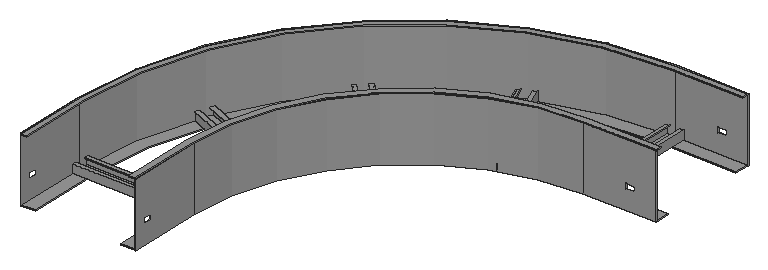
Revit family "LB 90 1120 VS FT Bogen 90", category Generic Models, Revit 2017
Family settings
  Can host rebar = No
  Round Connector Dimension = Use Diameter
  Part Type = Normal
  Work Plane-Based = No
  Always vertical = Yes
  Cut with Voids When Loaded = No
  Shared = No
  Room Calculation Point = No
Parameters (values of type "LB 90 1120 R5 FT")
  URL = "http://www.obo-bettermann.com"
  Material = Hot-dip galvanised
  Manufacturer Art.No. = "6217772"
  Manufacturer = "OBO BETTERMANN"
  GTIN = "4012196685196"
  Article Type = "LB 90 1120 R5 FT"
Reference planes
  plane 1 "Center (Front/Back)": y = 0
  plane 2: z = 0
  plane 3 "Center (Left/Right)": x = 0
  plane 4: x = 500
  plane 5: y = 500
  plane 6: x = 500
  plane 7: x = 375
  plane 8: y = 125
  plane 9: through (500, 0, 1200) normal (-0.7071, -0.7071, 0)
  plane 10: z = 60
  plane 11: z = 1.5
  plane 12: z = 58.5
  plane 13: z = 1.5
  plane 14: y = 25
  plane 15: z = 38
  plane 16: through (518.295, -19.135, 1200) normal (-0.7071, -0.7071, 0)
  plane 17: x = 456.15
  plane 18: z = 38
  plane 19: y = 125
  plane 20: x = 375
  plane 21: y = 125
  plane 22: x = 375
  plane 23: x = 500
  plane 24: through (374.16, 125, 1200) normal (-0.3827, -0.9239, 0)
  plane 25: through (374.16, 125, 1200) normal (-0.9239, -0.3827, 0)
  plane 26: through (3139.095, -2641.124, 87.514) normal (0.7071, 0.7071, 0)
  plane 27: through (374.141, 124.996, 1200) normal (-0.9808, -0.1951, 0)
  plane 28: through (1870.039, -3488.668, 87.514) normal (0.9239, 0.3827, 0)
  plane 29: through (373.857, 123.554, 1200) normal (-0.1951, -0.9808, 0)
  plane 30: through (3970.284, -1367.699, 87.514) normal (0.3827, 0.9239, 0)
  plane 31: z = 110
  plane 32: z = 111.5
Forms (mm)
  Extrusion 1, solid, material "Hot-dip galvanised" <- "Material"
    sketch origin (0, 0, 0) x (1, 0, 0) y (0, 1, 0)
      loop
        line (0, 0) -> (1.5, 0) -> (1.5, 125)
        arc (1.5, 125) -> (110.896, 389.104) -> (375, 498.5) r 373.5
        line (375, 498.5) -> (500, 498.5) -> (500, 500) -> (375, 500)
        arc (375, 500) -> (109.835, 390.165) -> (0, 125) r 375
        line (0, 125) -> (0, 0)
    from 0 to 110
  Extrusion 2, solid, material "Hot-dip galvanised" <- "Material"
    sketch origin (0, 0, 0) x (1, 0, 0) y (0, 1, 0)
      loop
        line (0, 0) -> (0, 125)
        arc (0, 125) -> (109.835, 390.165) -> (375, 500) r 375
        line (375, 500) -> (500, 500) -> (500, 525.5) -> (375, 525.5)
        arc (375, 525.5) -> (91.804, 408.196) -> (-25.5, 125) r 400.5
        line (-25.5, 125) -> (-25.5, 0) -> (0, 0)
    from 0 to 1.5
  Extrusion 3, solid, material "Hot-dip galvanised" <- "Material"
    sketch origin (0, 0, 0) x (1, 0, 0) y (0, 1, 0)
      loop
        line (0, 0) -> (0, 125)
        arc (0, 125) -> (109.835, 390.165) -> (375, 500) r 375
        line (375, 500) -> (500, 500) -> (500, 510.5) -> (375, 510.5)
        arc (375, 510.5) -> (102.41, 397.59) -> (-10.5, 125) r 385.5
        line (-10.5, 125) -> (-10.5, 0) -> (0, 0)
    from 110 to 111.5
  Extrusion 4, solid, material "Hot-dip galvanised"
    sketch origin (0, 0, 0) x (1, 0, 0) y (0, 1, 0)
      loop
        line (500.057, 698.5) -> (375, 698.5)
        arc (375, 698.5) -> (-30.526, 530.526) -> (-198.5, 125) r 573.5
        line (-198.5, 125) -> (-198.5, 0) -> (-197, 0) -> (-197, 125)
        arc (-197, 125) -> (-29.465, 529.465) -> (375, 697) r 572
        line (375, 697) -> (500.057, 697) -> (500.057, 698.5)
    from 0 to 111.5
  Extrusion 5, solid, material "Hot-dip galvanised" <- "Material"
    sketch origin (0, 0, 0) x (1, 0, 0) y (0, 1, 0)
      loop
        line (-197, 0) -> (-171.5, 0) -> (-171.5, 123.609)
        arc (-171.5, 123.609) -> (-10.995, 511.103) -> (376.5, 671.609) r 548
        line (376.5, 671.609) -> (500, 671.609) -> (500, 697) -> (376.5, 697)
        arc (376.5, 697) -> (-29.026, 529.026) -> (-197, 123.5) r 573.5
        line (-197, 123.5) -> (-197, 0)
    from 0 to 1.5
  Extrusion 6, solid, material "Hot-dip galvanised" <- "Material"
    sketch origin (0, 0, 0) x (1, 0, 0) y (0, 1, 0)
      loop
        line (-197, 0) -> (-186.5, 0) -> (-186.5, 125)
        arc (-186.5, 125) -> (-22.04, 522.04) -> (375, 686.5) r 561.5
        line (375, 686.5) -> (500, 686.5) -> (500, 697) -> (375, 697)
        arc (375, 697) -> (-29.465, 529.465) -> (-197, 125) r 572
        line (-197, 125) -> (-197, 0)
    from 110 to 111.5
  Extrusion 7, void
    sketch origin (0, 0, 0) x (0, 1, 0) y (0, 0, 1)
      loop
        line (17.5, 42.5) -> (17.5, 33.5) -> (32.5, 33.5) -> (32.5, 42.5) -> (17.5, 42.5)
    from 0 to 1.5
  Extrusion 8, void
    sketch origin (0, 0, 0) x (0, 1, 0) y (0, 0, 1)
      loop
        line (17.5, 42.5) -> (17.5, 33.5) -> (32.5, 33.5) -> (32.5, 42.5) -> (17.5, 42.5)
    from -198.5 to -197
  Extrusion 9, void
    sketch origin (481.15, 481.15, 0) x (-1, 0, 0) y (0, 0, -1)
      loop
        line (17.5, -42.5) -> (32.5, -42.5) -> (32.5, -33.5) -> (17.5, -33.5) -> (17.5, -42.5)
    from -217.35 to -215.85
  Extrusion 10, void
    sketch origin (481.15, 481.15, 0) x (-1, 0, 0) y (0, 0, -1)
      loop
        line (17.5, -42.5) -> (32.5, -42.5) -> (32.5, -33.5) -> (17.5, -33.5) -> (17.5, -42.5)
    from -18.85 to -17.35
  Extrusion 11, solid, material "Hot-dip galvanised" <- "Material"
    sketch origin (0, 0, 0) x (0, 1, 0) y (0, 0, 1)
      loop
        line (125, 1.5) -> (140, 1.5) -> (140, 16.5) -> (133.545, 16.5) -> (133.545, 15) -> (138.5, 15) -> (138.5, 3) -> (125, 3) -> (111.5, 3) -> (111.5, 15) -> (116.5, 15) -> (116.5, 16.5) -> (110, 16.5) -> (110, 1.5) -> (125, 1.5)
    from -197 to 0
  Extrusion 12, solid, material "Hot-dip galvanised" <- "Material"
    sketch origin (500, 481.15, 0) x (-1, 0, 0) y (0, 0, -1)
      loop
        line (125, -1.5) -> (110, -1.5) -> (110, -16.5) -> (116.5, -16.5) -> (116.5, -15) -> (111.5, -15) -> (111.5, -3) -> (125, -3) -> (138.5, -3) -> (138.5, -15) -> (133.545, -15) -> (133.545, -16.5) -> (140, -16.5) -> (140, -1.5) -> (125, -1.5)
    from -215.85 to -18.85
  Extrusion 13, solid, material "Hot-dip galvanised" <- "Material"
    sketch origin (33.341, 287.853, 0) x (0.707107, 0.707107, 0) y (0, 0, 1)
      loop
        line (125, 1.5) -> (140, 1.5) -> (140, 16.5) -> (133.545, 16.5) -> (133.545, 15) -> (138.5, 15) -> (138.5, 3) -> (125, 3) -> (111.5, 3) -> (111.5, 15) -> (116.5, 15) -> (116.5, 16.5) -> (110, 16.5) -> (110, 1.5) -> (125, 1.5)
    from -214.106 to -17.882
  Extrusion 14, solid, material "Hot-dip galvanised" <- "Material"
    sketch origin (121.568, 405.875, 0) x (0.92388, 0.382683, 0) y (0, 0, 1)
      loop
        line (125, 1.5) -> (140, 1.5) -> (140, 16.5) -> (133.545, 16.5) -> (133.545, 15) -> (138.5, 15) -> (138.5, 3) -> (125, 3) -> (111.5, 3) -> (111.5, 15) -> (116.5, 15) -> (116.5, 16.5) -> (110, 16.5) -> (110, 1.5) -> (125, 1.5)
    from -215.042 to -18.117
  Extrusion 15, solid, material "Hot-dip galvanised" <- "Material"
    sketch origin (75.74, 380.773, 0) x (-0.382683, -0.92388, 0) y (0, 0, -1)
      loop
        line (125, -1.5) -> (110, -1.5) -> (110, -16.5) -> (116.5, -16.5) -> (116.5, -15) -> (111.5, -15) -> (111.5, -3) -> (125, -3) -> (138.5, -3) -> (138.5, -15) -> (133.545, -15) -> (133.545, -16.5) -> (140, -16.5) -> (140, -1.5) -> (125, -1.5)
    from -197.116 to -0.168
  Extrusion 16, void
    sketch origin (0, 0, 0) x (1, 0, 0) y (0, 1, 0)
      loop
        line (-145, 133.545) -> (-145, 116.5) -> (-134, 116.5) -> (-134, 133.545) -> (-145, 133.545)
      loop
        line (-116, 133.545) -> (-123, 133.545) -> (-123, 116.5) -> (-116, 116.5) -> (-116, 133.545)
      loop
        line (-105, 133.545) -> (-105, 116.5) -> (-94, 116.5) -> (-94, 133.545) -> (-105, 133.545)
      loop
        line (-83, 133.545) -> (-83, 116.5) -> (-76, 116.5) -> (-76, 133.545) -> (-83, 133.545)
      loop
        line (-65, 133.545) -> (-65, 116.5) -> (-54, 116.5) -> (-54, 133.545) -> (-65, 133.545)
    from 3 to 0
  Extrusion 17, void
    sketch origin (0, 0, 0) x (1, 0, 0) y (0, 1, 0)
      loop
        line (-102.805, 328.63) -> (-109.327, 312.883) -> (-99.165, 308.673) -> (-92.642, 324.42) -> (-102.805, 328.63)
      loop
        line (-82.479, 320.211) -> (-89.002, 304.464) -> (-82.535, 301.785) -> (-76.012, 317.532) -> (-82.479, 320.211)
      loop
        line (-65.85, 313.323) -> (-72.372, 297.575) -> (-62.21, 293.366) -> (-55.687, 309.113) -> (-65.85, 313.323)
      loop
        line (-45.524, 304.904) -> (-52.047, 289.156) -> (-45.58, 286.477) -> (-39.057, 302.225) -> (-45.524, 304.904)
      loop
        line (-28.894, 298.015) -> (-35.417, 282.268) -> (-25.254, 278.058) -> (-18.732, 293.806) -> (-28.894, 298.015)
    from 3 to 0
  Extrusion 18, void
    sketch origin (0, 0, 0) x (1, 0, 0) y (0, 1, 0)
      loop
        line (366.455, 644.16) -> (366.455, 632.906) -> (383.5, 632.906) -> (383.5, 644.16) -> (366.455, 644.16)
      loop
        line (366.455, 622.16) -> (366.455, 615.062) -> (383.5, 615.062) -> (383.5, 622.16) -> (366.455, 622.16)
      loop
        line (383.5, 604.16) -> (366.455, 604.16) -> (366.455, 593.16) -> (383.5, 593.16) -> (383.5, 604.16)
      loop
        line (383.5, 582.16) -> (366.455, 582.16) -> (366.455, 575.16) -> (383.5, 575.16) -> (383.5, 582.16)
      loop
        line (366.455, 564.16) -> (366.455, 553.14) -> (383.5, 553.14) -> (383.5, 564.16) -> (366.455, 564.16)
    from 3 to 0
  Extrusion 19, void
    sketch origin (0, 0, 0) x (1, 0, 0) y (0, 1, 0)
      loop
        line (182.566, 607.582) -> (166.819, 601.059) -> (171.125, 590.662) -> (186.872, 597.185) -> (182.566, 607.582)
      loop
        line (190.985, 587.256) -> (175.238, 580.734) -> (177.954, 574.176) -> (193.701, 580.699) -> (190.985, 587.256)
      loop
        line (182.126, 564.104) -> (186.335, 553.941) -> (202.083, 560.464) -> (197.873, 570.626) -> (182.126, 564.104)
      loop
        line (206.292, 550.301) -> (190.545, 543.778) -> (193.224, 537.311) -> (208.971, 543.834) -> (206.292, 550.301)
      loop
        line (213.181, 533.671) -> (197.433, 527.149) -> (201.65, 516.968) -> (217.398, 523.491) -> (213.181, 533.671)
    from 3 to 0
  Extrusion 20, void
    sketch origin (0, 0, 0) x (1, 0, 0) y (0, 1, 0)
      loop
        line (12.506, 497.549) -> (0.454, 485.496) -> (8.411, 477.539) -> (20.463, 489.592) -> (12.506, 497.549)
      loop
        line (28.062, 481.993) -> (16.01, 469.94) -> (21.029, 464.921) -> (33.081, 476.974) -> (28.062, 481.993)
      loop
        line (40.79, 469.265) -> (28.738, 457.212) -> (36.516, 449.434) -> (48.568, 461.486) -> (40.79, 469.265)
      loop
        line (56.347, 453.708) -> (44.294, 441.656) -> (49.244, 436.706) -> (61.296, 448.759) -> (56.347, 453.708)
      loop
        line (69.075, 440.98) -> (57.022, 428.928) -> (64.814, 421.136) -> (76.867, 433.188) -> (69.075, 440.98)
    from 3 to 0
Cuts and joins
  Extrusion 7, Extrusion 10 cuts Extrusion 1
  Extrusion 8, Extrusion 9 cuts Extrusion 4
  Extrusion 16 cuts Extrusion 11
  Extrusion 17 cuts Extrusion 15
  Extrusion 18 cuts Extrusion 12
  Extrusion 19 cuts Extrusion 14
  Extrusion 20 cuts Extrusion 13
Dimensions and locks
  locked: plane 1 "Center (Front/Back)" to Extrusion 1 sketch curve at 500
  locked: Extrusion 1 sketch curve to plane 4 at 500
  locked: plane 3 "Center (Left/Right)" to Extrusion 1 sketch curve at 500
  Extrusion 1 sketch curve to Extrusion 1 sketch curve = 125 mm
  locked: plane 8 to Extrusion 1 sketch curve at 125
  locked: plane 1 "Center (Front/Back)" to Extrusion 1 at 498.5
  locked: Extrusion 2 sketch curve to Extrusion 1 at 25.5  (x2)
  locked: plane 3 "Center (Left/Right)" to Extrusion 2 sketch curve at 500
  locked: Extrusion 2 sketch curve to Extrusion 2 sketch curve at 525.5
  locked: Extrusion 2 to Extrusion 1 at 1.5
  locked: Extrusion 3 sketch curve to Extrusion 1 at 10.5  (x2)
  locked: plane 3 "Center (Left/Right)" to Extrusion 2 at 500
  Extrusion 1 to Extrusion 3 = 0 mm
  locked: Extrusion 4 sketch curve to Extrusion 4 sketch curve at 1.5  (x2)
  locked: Extrusion 4 sketch curve to Extrusion 1 at 200  (x2)
  locked: plane 3 "Center (Left/Right)" to Extrusion 4 at 500.057
  locked: Extrusion 4 to Extrusion 4 at 698.5
  locked: Extrusion 5 sketch curve to Extrusion 4 at 25.391
  locked: Extrusion 4 to Extrusion 5 sketch curve at 25.5
  locked: Extrusion 6 sketch curve to Extrusion 5 at 125
  Extrusion 6 sketch curve to Extrusion 6 sketch curve = 125 mm
  locked: plane 15 to level at 38
  locked: Extrusion 7 sketch curve to Extrusion 7 sketch curve at 15
  locked: Extrusion 1 to plane 14 at 25  (x2)
  locked: Extrusion 7 sketch curve to plane 14 at 7.5
  Extrusion 7 sketch curve to Extrusion 7 sketch curve = 9 mm
  locked: plane 15 to Extrusion 7 sketch curve at 4.5
  locked: Extrusion 1 to plane 15 at 38
  locked: Extrusion 7 sketch curve to Extrusion 7 sketch curve at 9
  plane 15 to Extrusion 7 sketch curve = 4.5 mm
  Extrusion 7 sketch curve to Extrusion 7 sketch curve = 15 mm
  plane 14 to Extrusion 7 sketch curve = 7.5 mm
  locked: cut or joined group of Extrusion 1, Extrusion 7, Extrusion 10 to cut or joined group of Extrusion 1, Extrusion 7, Extrusion 10 at 9
  locked: cut or joined group of Extrusion 1, Extrusion 7, Extrusion 10 to cut or joined group of Extrusion 1, Extrusion 7, Extrusion 10 at 15
  locked: Extrusion 10 sketch curve to Extrusion 10 sketch curve at 15
  locked: Extrusion 10 sketch curve to plane 17 at 7.5
  Extrusion 10 sketch curve to Extrusion 10 sketch curve = 9 mm
  locked: Extrusion 10 sketch curve to plane 18 at 4.5
  locked: Extrusion 10 sketch curve to Extrusion 10 sketch curve at 9
  Extrusion 10 sketch curve to plane 18 = 4.5 mm
  Extrusion 10 sketch curve to Extrusion 10 sketch curve = 15 mm
  plane 17 to Extrusion 10 sketch curve = 7.5 mm
  locked: cut or joined group of Extrusion 1, Extrusion 7, Extrusion 10 to plane 19 at 125
  locked: Extrusion 2 to Extrusion 11 sketch curve at 15
  locked: Extrusion 11 sketch curve to Extrusion 2 at 15
  locked: Extrusion 11 sketch curve to Extrusion 11 sketch curve at 30
  locked: Extrusion 12 sketch curve to Extrusion 12 sketch curve at 30
  locked: plane 1 "Center (Front/Back)" to plane 21 at 125
  locked: plane 3 "Center (Left/Right)" to plane 23 at 500
  locked: plane 22 to plane 23 at 125
  locked: Extrusion 13 sketch curve to Extrusion 13 sketch curve at 30
  locked: Extrusion 14 sketch curve to Extrusion 14 sketch curve at 30
  locked: Extrusion 15 sketch curve to Extrusion 15 sketch curve at 30
  locked: Extrusion 12 to Extrusion 12 at 197
  locked: Extrusion 14 to cut or joined group of Extrusion 4, Extrusion 8, Extrusion 9 at 197.404
  locked: Extrusion 13 to Extrusion 13 at 196.224
  locked: Extrusion 15 to cut or joined group of Extrusion 1, Extrusion 7, Extrusion 10 at 196.476
  locked: Extrusion 11 to Extrusion 11 at 197
  locked: Extrusion 11 to Extrusion 11 at 17.045
  locked: plane 31 to level at 110
  locked: plane 24 to plane 21 (angle 22.50°)
  locked: plane 16 to plane 21 (angle 45.00°)
  locked: plane 25 to plane 16 (angle 22.50°)
  locked: plane 22 to plane 25 (angle 22.50°)
  angle plane 22 to plane 27 = 11.25°
  locked: plane 29 to plane 21 (angle 11.25°)
  aligned and locked: level to plane 2
  aligned and locked: plane 1 "Center (Front/Back)" to Extrusion 1
  aligned and locked: plane 3 "Center (Left/Right)" to Extrusion 2 sketch curve
  aligned and locked: Extrusion 2 sketch curve to Extrusion 1
  aligned and locked: Extrusion 2 to plane 13
  aligned and locked: Extrusion 2 to Extrusion 3 sketch curve
  aligned and locked: Extrusion 3 sketch curve to Extrusion 2
  aligned and locked: plane 1 "Center (Front/Back)" to Extrusion 3
  aligned and locked: Extrusion 1 to Extrusion 3
  aligned and locked: Extrusion 3 to Extrusion 1
  aligned and locked: plane 3 "Center (Left/Right)" to Extrusion 3
  aligned and locked: plane 1 "Center (Front/Back)" to Extrusion 4 sketch curve
  aligned and locked: plane 1 "Center (Front/Back)" to Extrusion 4
  aligned and locked: Extrusion 4 to level
  aligned and locked: Extrusion 5 sketch curve to Extrusion 4  (x2)
  aligned and locked: plane 1 "Center (Front/Back)" to Extrusion 5
  aligned and locked: Extrusion 1 to Extrusion 5
  aligned and locked: Extrusion 5 to plane 11
  aligned and locked: Extrusion 6 sketch curve to Extrusion 4
  aligned and locked: Extrusion 4 to Extrusion 6 sketch curve
  aligned and locked: Extrusion 6 sketch curve to Extrusion 5
  aligned and locked: plane 1 "Center (Front/Back)" to Extrusion 6
  aligned and locked: Extrusion 7 to plane 3 "Center (Left/Right)"
  aligned and locked: Extrusion 1 to Extrusion 7
  aligned and locked: Extrusion 8 sketch curve to cut or joined group of Extrusion 1, Extrusion 7, Extrusion 10  (x4)
  aligned and locked: Extrusion 4 to Extrusion 8  (x2)
  aligned and locked: Extrusion 4 to Extrusion 9  (x2)
  aligned and locked: Extrusion 1 to Extrusion 10  (x2)
  aligned and locked: Extrusion 11 sketch curve to Extrusion 11 sketch curve
  aligned and locked: Extrusion 11 to plane 11
  aligned and locked: plane 3 "Center (Left/Right)" to Extrusion 11
  aligned and locked: Extrusion 11 to Extrusion 5
  aligned and locked: Extrusion 12 sketch curve to Extrusion 12 sketch curve
  aligned and locked: Extrusion 5 to Extrusion 12
  aligned and locked: Extrusion 6 to Extrusion 12
  aligned and locked: Extrusion 13 sketch curve to Extrusion 13 sketch curve
  aligned and locked: Extrusion 14 sketch curve to Extrusion 14 sketch curve
  aligned and locked: Extrusion 15 sketch curve to Extrusion 15 sketch curve
  aligned and locked: Extrusion 16 to level
  aligned and locked: Extrusion 11 to Extrusion 16
  aligned and locked: Extrusion 12 to Extrusion 18 sketch curve  (x3)
  aligned and locked: Extrusion 18 sketch curve to Extrusion 18 sketch curve  (x5)
  aligned and locked: Extrusion 12 to Extrusion 18
  aligned and locked: Extrusion 18 to level
  aligned and locked: Extrusion 20 sketch curve to Extrusion 20 sketch curve  (x8)
  aligned and locked: Extrusion 13 to Extrusion 20
  aligned and locked: Extrusion 20 to level
  aligned and locked: Extrusion 15 to Extrusion 17
  aligned and locked: Extrusion 17 to Extrusion 2
  aligned and locked: Extrusion 14 to Extrusion 19
  aligned and locked: Extrusion 2 to Extrusion 19
  aligned and locked: Extrusion 1 to plane 31
  aligned and locked: Extrusion 3 to cut or joined group of Extrusion 1, Extrusion 7, Extrusion 10
  aligned and locked: Extrusion 3 to plane 32
  aligned and locked: Extrusion 6 to Extrusion 3  (x2)
  aligned and locked: Extrusion 4 to Extrusion 3
Automatic sketch dimensions
  Extrusion 1 sketch curve to Extrusion 1 sketch curve = 0 mm  (x2)
  plane 3 "Center (Left/Right)" to Extrusion 1 sketch curve = 1.5 mm
  Extrusion 2 sketch curve to Extrusion 2 sketch curve = 0 mm  (x2)
  Extrusion 2 sketch curve to plane 21 = 0 mm
  Extrusion 3 sketch curve to Extrusion 3 sketch curve = 0 mm  (x2)
  Extrusion 3 sketch curve to plane 3 "Center (Left/Right)" = 0 mm
  Extrusion 3 sketch curve to plane 21 = 0 mm
  Extrusion 4 sketch curve to Extrusion 4 sketch curve = 0 mm  (x2)
  Extrusion 4 sketch curve to plane 21 = 0 mm
  plane 23 to Extrusion 4 sketch curve = 0.057 mm
  Extrusion 5 sketch curve to plane 23 = 0 mm
  plane 1 "Center (Front/Back)" to Extrusion 5 sketch curve = 0 mm
  Extrusion 5 sketch curve to plane 21 = 1.391 mm
  Extrusion 5 sketch curve to Extrusion 5 sketch curve = 0 mm
  Extrusion 6 sketch curve to Extrusion 6 sketch curve = 0 mm  (x2)
  plane 1 "Center (Front/Back)" to Extrusion 6 sketch curve = 0 mm
  Extrusion 6 sketch curve to Extrusion 6 sketch curve = 10.5 mm
  Extrusion 9 sketch curve to plane 23 = 36.35 mm
  Extrusion 9 sketch curve to Extrusion 9 sketch curve = 15 mm
  Extrusion 9 sketch curve to plane 12 = 16 mm
  Extrusion 9 sketch curve to Extrusion 9 sketch curve = 9 mm
  Extrusion 11 sketch curve to plane 11 = 0 mm
  Extrusion 11 sketch curve to plane 19 = 0 mm  (x2)
  Extrusion 11 sketch curve to plane 19 = 8.5 mm
  Extrusion 11 sketch curve to Extrusion 11 sketch curve = 5 mm
  Extrusion 11 sketch curve to Extrusion 11 sketch curve = 1.5 mm  (x3)
  Extrusion 11 sketch curve to Extrusion 11 sketch curve = 6.455 mm
  plane 11 to Extrusion 11 sketch curve = 1.5 mm
  Extrusion 12 sketch curve to plane 11 = 0 mm
  plane 20 to Extrusion 12 sketch curve = 0 mm  (x2)
  Extrusion 12 sketch curve to plane 20 = 8.5 mm
  Extrusion 12 sketch curve to Extrusion 12 sketch curve = 5 mm
  Extrusion 12 sketch curve to Extrusion 12 sketch curve = 1.5 mm  (x4)
  Extrusion 12 sketch curve to Extrusion 12 sketch curve = 6.455 mm
  plane 11 to Extrusion 12 sketch curve = 1.5 mm
  Extrusion 12 sketch curve to Extrusion 12 sketch curve = 12 mm
  Extrusion 13 sketch curve to plane 11 = 0 mm
  Extrusion 13 sketch curve to plane 26 = 0 mm  (x2)
  Extrusion 13 sketch curve to plane 26 = 8.5 mm
  Extrusion 13 sketch curve to Extrusion 13 sketch curve = 5 mm
  Extrusion 13 sketch curve to Extrusion 13 sketch curve = 1.5 mm  (x4)
  Extrusion 13 sketch curve to Extrusion 13 sketch curve = 6.455 mm
  plane 11 to Extrusion 13 sketch curve = 1.5 mm
  Extrusion 13 sketch curve to Extrusion 13 sketch curve = 12 mm
  Extrusion 14 sketch curve to plane 11 = 0 mm
  Extrusion 14 sketch curve to plane 28 = 0 mm  (x2)
  Extrusion 14 sketch curve to plane 28 = 8.5 mm
  Extrusion 14 sketch curve to Extrusion 14 sketch curve = 5 mm
  Extrusion 14 sketch curve to Extrusion 14 sketch curve = 1.5 mm  (x4)
  Extrusion 14 sketch curve to Extrusion 14 sketch curve = 6.455 mm
  plane 11 to Extrusion 14 sketch curve = 1.5 mm
  Extrusion 14 sketch curve to Extrusion 14 sketch curve = 12 mm
  Extrusion 15 sketch curve to plane 11 = 0 mm
  Extrusion 15 sketch curve to plane 30 = 0 mm  (x2)
  Extrusion 15 sketch curve to plane 24 = 5.603 mm
  Extrusion 15 sketch curve to Extrusion 15 sketch curve = 5 mm
  Extrusion 15 sketch curve to Extrusion 15 sketch curve = 1.5 mm  (x4)
  Extrusion 15 sketch curve to Extrusion 15 sketch curve = 6.455 mm
  plane 11 to Extrusion 15 sketch curve = 1.5 mm
  Extrusion 15 sketch curve to Extrusion 15 sketch curve = 12 mm
  Extrusion 16 sketch curve to plane 21 = 8.5 mm  (x5)
  Extrusion 16 sketch curve to plane 3 "Center (Left/Right)" = 145 mm
  Extrusion 16 sketch curve to Extrusion 16 sketch curve = 11 mm  (x7)
  Extrusion 16 sketch curve to Extrusion 16 sketch curve = 7 mm  (x2)
  plane 21 to Extrusion 16 sketch curve = 8.545 mm  (x5)
  Extrusion 17 sketch curve to plane 3 "Center (Left/Right)" = 109.327 mm
  Extrusion 17 sketch curve to Extrusion 17 sketch curve = 6.523 mm
  Extrusion 17 sketch curve to Extrusion 17 sketch curve = 10.163 mm  (x11)
  Extrusion 17 sketch curve to Extrusion 17 sketch curve = 6.467 mm  (x2)
  plane 21 to Extrusion 17 sketch curve = 153.058 mm
  Extrusion 17 sketch curve to Extrusion 17 sketch curve = 4.21 mm  (x7)
  Extrusion 17 sketch curve to Extrusion 17 sketch curve = 2.679 mm  (x2)
  Extrusion 18 sketch curve to plane 22 = 8.545 mm
  plane 22 to Extrusion 18 sketch curve = 8.5 mm
  plane 21 to Extrusion 18 sketch curve = 428.14 mm
  Extrusion 18 sketch curve to Extrusion 18 sketch curve = 11.02 mm
  Extrusion 18 sketch curve to Extrusion 18 sketch curve = 11 mm  (x3)
  Extrusion 18 sketch curve to Extrusion 18 sketch curve = 7 mm
  Extrusion 18 sketch curve to Extrusion 18 sketch curve = 10.902 mm
  Extrusion 18 sketch curve to Extrusion 18 sketch curve = 7.098 mm
  Extrusion 18 sketch curve to Extrusion 18 sketch curve = 10.747 mm
  Extrusion 18 sketch curve to Extrusion 18 sketch curve = 11.253 mm
  plane 3 "Center (Left/Right)" to Extrusion 19 sketch curve = 166.819 mm
  Extrusion 19 sketch curve to Extrusion 19 sketch curve = 4.306 mm
  Extrusion 19 sketch curve to Extrusion 19 sketch curve = 4.113 mm  (x2)
  Extrusion 19 sketch curve to Extrusion 19 sketch curve = 2.716 mm
  Extrusion 19 sketch curve to Extrusion 19 sketch curve = 4.172 mm  (x2)
  Extrusion 19 sketch curve to Extrusion 19 sketch curve = 15.747 mm
  Extrusion 19 sketch curve to Extrusion 19 sketch curve = 4.21 mm  (x5)
  Extrusion 19 sketch curve to Extrusion 19 sketch curve = 2.679 mm
  Extrusion 19 sketch curve to Extrusion 19 sketch curve = 4.217 mm
  Extrusion 19 sketch curve to plane 1 "Center (Front/Back)" = 516.968 mm
  Extrusion 19 sketch curve to Extrusion 19 sketch curve = 6.523 mm
  Extrusion 19 sketch curve to Extrusion 19 sketch curve = 10.163 mm  (x3)
  Extrusion 19 sketch curve to Extrusion 19 sketch curve = 6.467 mm
  Extrusion 19 sketch curve to Extrusion 19 sketch curve = 10.072 mm  (x2)
  Extrusion 19 sketch curve to Extrusion 19 sketch curve = 9.929 mm  (x2)
  plane 3 "Center (Left/Right)" to Extrusion 20 sketch curve = 0.454 mm
  plane 3 "Center (Left/Right)" to Extrusion 20 sketch curve = 8.411 mm
  plane 3 "Center (Left/Right)" to Extrusion 20 sketch curve = 12.506 mm
  Extrusion 20 sketch curve to Extrusion 20 sketch curve = 7.599 mm
  Extrusion 20 sketch curve to Extrusion 20 sketch curve = 5.019 mm
  Extrusion 20 sketch curve to Extrusion 20 sketch curve = 7.709 mm
  Extrusion 20 sketch curve to Extrusion 20 sketch curve = 7.778 mm  (x3)
  Extrusion 20 sketch curve to Extrusion 20 sketch curve = 4.95 mm
  Extrusion 20 sketch curve to Extrusion 20 sketch curve = 7.792 mm  (x2)
  plane 21 to Extrusion 20 sketch curve = 296.136 mm
